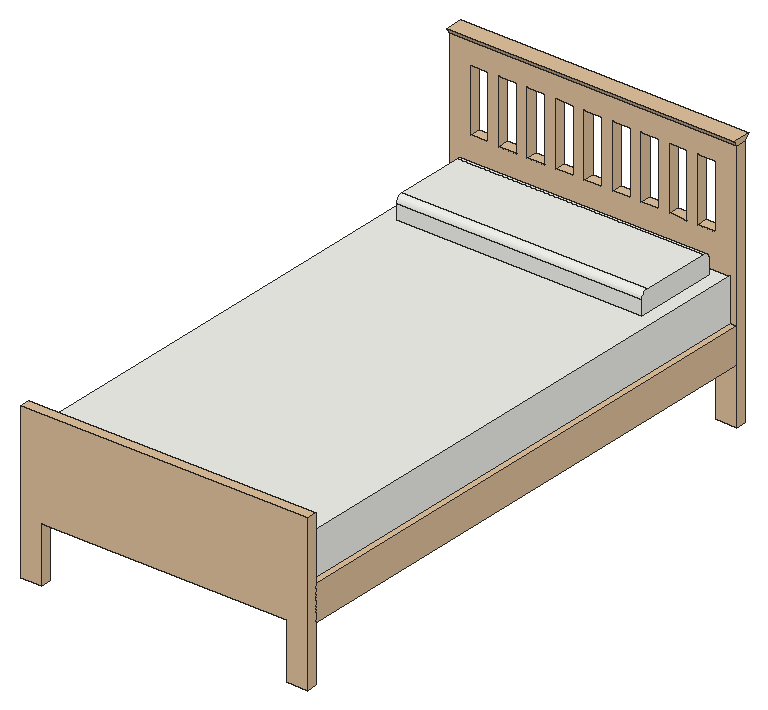
Revit family
Parameters (values of type "1040 x 1981mm - Twin")
  Frame Material = Wood - Birch
  Length = 1981.20 mm
  Mattress Material = Textile - White
  Width = 1041.40 mm
Types (5, lengths in mm): name | Length | Width
  (no name) | 1981.20 | 1041.40
  1422 x 1981mm - Double | 1981.20 | 1422.40
  1040 x 1981mm - Twin | 1981.20 | 1041.40
  1575 x 2108mm - Queen | 2108.20 | 1574.80
  1981 x 2108mm - King | 2108.20 | 1981.20
Reference planes
  plane 1 "Back": y = 0
  plane 2: z = 0
  plane 3 "Center (Left/Right)": x = -19.05
  plane 4: x = -539.75
  plane 5: x = 501.65
  plane 6 "Front": y = -1981.2
  plane 7: z = 914.4
  plane 8: z = 482.6
  plane 9: x = 463.55
  plane 10: x = 425.45
  plane 11: x = -463.55
Forms (mm)
  Extrusion 1, solid, material "Wood - Birch" <- "Frame Material"
    sketch origin (0, 0, 0) x (1, 0, 0) y (0, 0, 1)
      loop
        line (-539.537, 914.4) -> (-539.537, 0) -> (-463.55, 0) -> (-463.55, 203.2) -> (425.45, 203.2) -> (425.45, 0) -> (501.917, 0) -> (501.917, 914.4) -> (-539.537, 914.4)
      loop
        line (-463.55, 838.2) -> (-463.55, 609.6) -> (-398.639, 609.6) -> (-398.639, 838.2) -> (-463.55, 838.2)
      loop
        line (-360.539, 838.2) -> (-360.539, 609.6) -> (-295.628, 609.6) -> (-295.628, 838.2) -> (-360.539, 838.2)
      loop
        line (-257.528, 838.2) -> (-257.528, 609.6) -> (-192.617, 609.6) -> (-192.617, 838.2) -> (-257.528, 838.2)
      loop
        line (-154.517, 838.2) -> (-154.517, 609.6) -> (-89.606, 609.6) -> (-89.606, 838.2) -> (-154.517, 838.2)
      loop
        line (51.506, 838.2) -> (51.506, 609.6) -> (116.417, 609.6) -> (116.417, 838.2) -> (51.506, 838.2)
      loop
        line (154.517, 838.2) -> (154.517, 609.6) -> (219.428, 609.6) -> (219.428, 838.2) -> (154.517, 838.2)
      loop
        line (257.528, 838.2) -> (257.528, 609.6) -> (322.439, 609.6) -> (322.439, 838.2) -> (257.528, 838.2)
      loop
        line (360.539, 838.2) -> (360.539, 609.6) -> (425.45, 609.6) -> (425.45, 838.2) -> (360.539, 838.2)
      loop
        line (-51.506, 838.2) -> (-51.506, 609.6) -> (13.406, 609.6) -> (13.406, 838.2) -> (-51.506, 838.2)
    from 0 to 38.1
  Extrusion 2, solid, material "Wood - Birch" <- "Frame Material"
    sketch origin (0, -1981.2, 0) x (1, 0, 0) y (0, 0, 1)
      loop
        line (-539.75, 0) -> (-463.55, 0) -> (-463.55, 203.2) -> (425.45, 203.2) -> (425.45, 0) -> (501.65, 0) -> (501.65, 558.8) -> (-539.75, 558.8) -> (-539.75, 0)
    from 0 to -38.1
  Extrusion 3, solid, material "Wood - Birch" <- "Frame Material"
    sketch origin (0, 0, 0) x (0, -1, 0) y (0, 0, 1)
      loop
        line (38.1, 203.576) -> (1943.1, 203.576) -> (1943.1, 330.576) -> (38.1, 330.576) -> (38.1, 203.576)
    from 514.35 to 539.75
  Extrusion 4, solid, material "Wood - Birch" <- "Frame Material"
    sketch origin (501.65, 0, 0) x (0, -1, 0) y (0, 0, 1)
      loop
        line (1943.1, 203.099) -> (1943.1, 330.099) -> (38.1, 330.099) -> (38.1, 203.099) -> (1943.1, 203.099)
    from 0 to 25.4
  Extrusion 5, solid, material "Textile - White" <- "Mattress Material"
    sketch origin (0, 0, 0) x (1, 0, 0) y (0, 1, 0)
      loop
        line (-514.35, -38.1) -> (-514.35, -1943.1) -> (476.25, -1943.1) -> (476.25, -38.1) -> (-514.35, -38.1)
    from 228.6 to 482.6
  Extrusion 6, solid, material "Textile - White" <- "Mattress Material"
    sketch origin (-539.75, 0, 0) x (0, -1, 0) y (0, 0, 1)
      loop
        line (68.449, 482.6) -> (373.249, 482.6) -> (373.249, 533.4)
        arc (373.249, 533.4) -> (365.809, 551.361) -> (347.849, 558.8) r 25.4
        line (347.849, 558.8) -> (93.849, 558.8)
        arc (93.849, 558.8) -> (75.888, 551.361) -> (68.449, 533.4) r 25.4
        line (68.449, 533.4) -> (68.449, 482.6)
    from -965.2 to -76.2
  Sweep 7, solid, material "Wood - Birch" <- "Frame Material"
    path origin (0, 0, 0) x (1, 0, 0) y (0, 1, 0)
      loop
        line (-539.537, 0) -> (501.917, 0)
    profile origin (-18.81, 0, 0) x (0, 1, 0) y (0, 0, 1)
      loop
        line (0, 914.4) -> (13.855, 933.45) -> (-51.955, 933.45) -> (-38.1, 914.4) -> (0, 914.4)
Lines and regions (mm)
  Masking region 1
    outline origin (0, 0, 0) x (1, 0, 0) y (0, 1, 0)
      loop
        line (-539.75, 0) -> (-539.75, -1981.2) -> (501.65, -1981.2) -> (501.65, 0) -> (-539.75, 0)
  symbolic lines
    curve 1: line (501.65, -1981.2, 0) -> (-539.537, -1981.2, 0)
    curve 2: line (501.65, 0, 0) -> (501.65, -1981.2, 0)
    curve 3: line (-539.537, 0, 0) -> (501.65, 0, 0)
    curve 4: line (-539.537, -1981.2, 0) -> (-539.537, 0, 0)
    curve 5: line (501.65, -1943.1, 0) -> (-539.537, -1943.1, 0)
    curve 6: line (501.65, -51.955, 0) -> (-539.537, -51.955, 0)
    curve 7: line (425.45, -373.249, 0) -> (-463.55, -373.249, 0)
    curve 8: line (425.45, -68.449, 0) -> (425.45, -373.249, 0)
    curve 9: line (-463.55, -68.449, 0) -> (425.45, -68.449, 0)
    curve 10: line (-463.55, -373.249, 0) -> (-463.55, -68.449, 0)
Dimensions and locks
  equal spacing: plane 4, plane 3 "Center (Left/Right)", plane 5
  "Width": plane 4 to plane 5
  "Length": plane 6 "Front" to plane 1 "Back"
  locked: Extrusion 1 sketch curve to Extrusion 1 sketch curve at 75.987
  locked: Extrusion 1 sketch curve to Extrusion 1 sketch curve at 38.1  (x8)
  plane 2 to plane 7 = 914.40 mm
  Extrusion 1 to plane 1 "Back" = 38.10 mm
  locked: Extrusion 3 to plane 4 at 25.4  (x2)
  locked: plane 6 "Front" to Extrusion 3 sketch curve at 38.1
  locked: Extrusion 3 sketch curve to plane 1 "Back" at 38.1
  locked: plane 6 "Front" to Extrusion 4 sketch curve at 38.1
  locked: Extrusion 4 sketch curve to plane 1 "Back" at 38.1
  locked: Extrusion 4 to Extrusion 4 at 25.4
  locked: Extrusion 4 to plane 5 at 25.4
  locked: Extrusion 5 sketch curve to Extrusion 1 at 38.1
  locked: plane 6 "Front" to Extrusion 5 sketch curve at 38.1
  equal spacing: Extrusion 1 sketch curve, plane 3 "Center (Left/Right)", Extrusion 1 sketch curve
  equal spacing: plane 9, Extrusion 1 sketch curve, Extrusion 1 sketch curve, Extrusion 1 sketch curve, Extrusion 1 sketch curve, Extrusion 1 sketch curve, Extrusion 1 sketch curve, Extrusion 1 sketch curve, Extrusion 1 sketch curve, Extrusion 1 sketch curve
  locked: plane 9 to plane 5 at 38.1
  locked: plane 5 to Extrusion 1 sketch curve at 76.2
  locked: plane 10 to plane 5 at 76.2
  locked: plane 4 to plane 11 at 76.2
  aligned and locked: plane 7 to Extrusion 1 sketch curve
  aligned and locked: plane 4 to Extrusion 2 sketch curve
  aligned and locked: Extrusion 2 sketch curve to plane 5
  aligned and locked: plane 4 to Extrusion 3
  aligned and locked: Extrusion 1 to Extrusion 6
  aligned and locked: Extrusion 6 to Extrusion 1
  aligned and locked: Sweep 7 sketch curve to Extrusion 1  (x3)
  aligned and locked: Masking region 1 sketch curve to plane 4
  aligned and locked: plane 1 "Back" to Masking region 1 sketch curve
  aligned and locked: plane 5 to Masking region 1 sketch curve
  aligned and locked: Masking region 1 sketch curve to plane 6 "Front"
  aligned and locked: plane 11 to Extrusion 6
  aligned and locked: Extrusion 6 to plane 10
Automatic sketch dimensions
  Extrusion 1 sketch curve to level = 0.00 mm  (x2)
  Extrusion 1 sketch curve to plane 4 = 76.20 mm
  plane 5 to Extrusion 1 sketch curve = 76.20 mm
  level to Extrusion 1 sketch curve = 203.20 mm
  level to Extrusion 1 sketch curve = 609.60 mm
  Extrusion 1 sketch curve to Extrusion 1 sketch curve = 0.00 mm  (x12)
  Extrusion 1 sketch curve to Extrusion 1 sketch curve = 304.80 mm  (x2)
  plane 7 to Extrusion 1 sketch curve = 76.20 mm  (x3)
  Extrusion 1 sketch curve to plane 5 = 0.267 mm
  Extrusion 2 sketch curve to level = 0.00 mm  (x2)
  Extrusion 2 sketch curve to plane 4 = 76.20 mm
  Extrusion 2 sketch curve to Extrusion 2 sketch curve = 76.20 mm
  level to Extrusion 2 sketch curve = 203.20 mm
  Extrusion 2 sketch curve to Extrusion 2 sketch curve = 355.60 mm
  level to Extrusion 3 sketch curve = 203.576 mm
  Extrusion 3 sketch curve to Extrusion 3 sketch curve = 127.00 mm
  level to Extrusion 4 sketch curve = 203.099 mm
  Extrusion 4 sketch curve to Extrusion 4 sketch curve = 127.00 mm
  Extrusion 5 sketch curve to plane 4 = 25.40 mm
  plane 5 to Extrusion 5 sketch curve = 25.40 mm
  Sweep 7 sketch curve to profile plane = 0.00 mm
  profile plane to Sweep 7 sketch curve = 38.10 mm
  Sweep 7 sketch curve to Sweep 7 sketch curve = 13.855 mm
  Sweep 7 sketch curve to profile plane = 13.855 mm
  level to Sweep 7 sketch curve = 914.40 mm
  Sweep 7 sketch curve to Sweep 7 sketch curve = 19.05 mm
  Extrusion 6 sketch curve to plane 8 = 0.00 mm
  plane 1 "Back" to Extrusion 6 sketch curve = 68.449 mm
  Extrusion 6 sketch curve to Extrusion 6 sketch curve = 25.40 mm  (x2)
  plane 8 to Extrusion 6 sketch curve = 50.80 mm
  Extrusion 6 sketch curve to Extrusion 6 sketch curve = 254.00 mm
  curve 1 to plane 6 "Front" = 0.00 mm
  curve 3 to plane 1 "Back" = 0.00 mm
  curve 2 to plane 5 = 0.00 mm
  plane 5 to curve 8 = 76.20 mm
  curve 7 to plane 4 = 76.20 mm
  curve 4 to plane 4 = 0.213 mm
  curve 5 to plane 6 "Front" = 38.10 mm
  plane 1 "Back" to curve 7 = 373.249 mm
  plane 1 "Back" to curve 9 = 68.449 mm
  curve 6 to curve 3 = 51.955 mm
